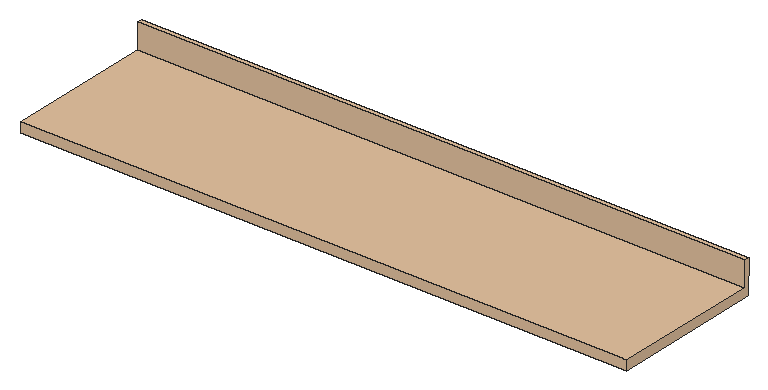
Revit family "M_Topo da bancada", category Componentes de gabinete, Revit 2019
Family settings
  Número OmniClass = 23.40.35.17.47.11
  Título OmniClass = Kitchen Casework
  ID de item do Seek = Counter Top-0000-CAN-ENU
  Com base no plano de trabalho = Não
  Sempre na vertical = Sim
  Corte com vazios quando carregada = Não
  Compartilhado = Sim
  Ponto de cálculo do ambiente = Não
Parameters (values of type "Profundidade 600 mm")
  Espessura da bancada = 40 mm
  Material do topo da bancada = none
  Linear = 625 mm
  Altura = 900 mm
  Comprimento [instance] = 2500 mm
Reference planes
  plane 1 "Parte posterior": y = 0
  plane 2: z = 0
  plane 3 "Esquerda": x = -1200.462
  plane 4 "Direita": x = 1299.538
  plane 5 "Parte frontal": y = -625
  plane 6 "Superior": z = 900
  plane 7 "Topo do armário": z = 860
  plane 8: y = -19.05
  plane 9: z = 1001.6
Forms (mm)
  Extrusion 1, solid, material <- "Material do topo da bancada"
    sketch origin (0, 0, 0) x (1, 0, 0) y (0, 1, 0)
      loop
        line (-1200.462, 0) -> (-1200.462, -625) -> (1299.538, -625) -> (1299.538, 0) -> (-1200.462, 0)
    from 860 to 900
  Extrusion 2, solid, material <- "Material do topo da bancada"
    sketch origin (0, 0, 0) x (1, 0, 0) y (0, 1, 0)
      loop
        line (1299.538, 0) -> (-1200.462, 0) -> (-1200.462, -19.05) -> (1299.538, -19.05) -> (1299.538, 0)
    from 900 to 1001.6
Cuts and joins
  joined: Extrusion 1, Extrusion 2
Lines and regions (mm)
  Masking region 1
    outline origin (0, 0, 860) x (0, -1, 0) y (1, 0, 0)
      loop
        line (0, -1200.462) -> (625, -1200.462) -> (625, 1299.538) -> (0, 1299.538) -> (0, -1200.462)
  symbolic lines, style "Topo da bancada"
    curve 1: line (-1200.462, -19.05, 860) -> (1299.538, -19.05, 860)
Dimensions and locks
  "Linear": plane 5 "Parte frontal" to plane 1 "Parte posterior"
  "Comprimento": plane 3 "Esquerda" to plane 4 "Direita"
  "Altura": level to plane 6 "Superior"
  "Espessura da bancada": plane 7 "Topo do armário" to plane 6 "Superior"
  locked: plane 8 to plane 1 "Parte posterior" at 19.05
  plane 6 "Superior" to plane 9 = 101.6 mm
  aligned and locked: plane 1 "Parte posterior" to Extrusion 1 sketch curve
  aligned and locked: plane 4 "Direita" to Extrusion 1 sketch curve
  aligned and locked: Extrusion 1 sketch curve to plane 5 "Parte frontal"
  aligned and locked: Extrusion 1 sketch curve to plane 3 "Esquerda"
  aligned and locked: Extrusion 1 to plane 6 "Superior"
  aligned and locked: plane 7 "Topo do armário" to Extrusion 1
  aligned and locked: Extrusion 2 sketch curve to plane 1 "Parte posterior"
  aligned and locked: Extrusion 2 sketch curve to plane 8
  aligned and locked: Extrusion 2 sketch curve to plane 4 "Direita"
  aligned and locked: plane 3 "Esquerda" to Extrusion 2 sketch curve
  aligned and locked: Extrusion 2 to plane 9
  aligned and locked: plane 6 "Superior" to Extrusion 2
  aligned and locked: plane 4 "Direita" to Masking region 1 sketch curve
  aligned and locked: Masking region 1 sketch curve to plane 5 "Parte frontal"
  aligned and locked: Masking region 1 sketch curve to plane 3 "Esquerda"
  aligned and locked: plane 1 "Parte posterior" to Masking region 1 sketch curve
Automatic sketch dimensions
  curve 1 to plane 4 "Direita" = 0 mm
  curve 1 to plane 8 = 0 mm
  curve 1 to plane 3 "Esquerda" = 0 mm
